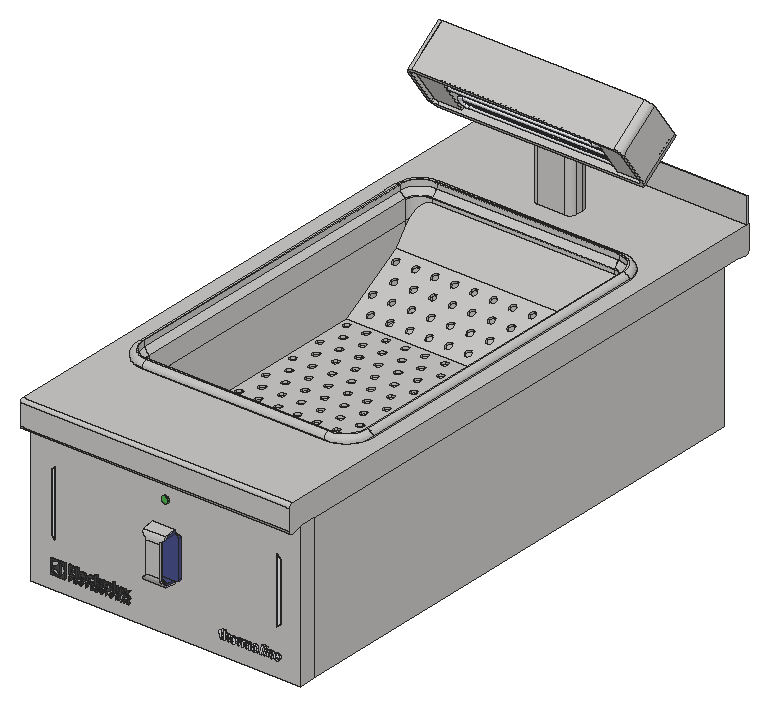
Revit family "QF_ELECTROLUXPROFESSIONAL_588556_MBYABBDOBO", category Attrezzature speciali, Revit 2020 (continued)
Lines and regions (mm)
  symbolic lines
    curve 152: spline (151.566, -242.726, 0) -> (151.734, -243.847, 0) -> (152.227, -244.891, 0) -> (153.011, -245.788, 0) -> (154.033, -246.476, 0) -> (155.223, -246.909, 0) -> (156.5, -247.057, 0) -> (157.777, -246.909, 0) -> (158.967, -246.476, 0) -> (159.989, -245.788, 0) -> (160.773, -244.891, 0) -> (161.266, -243.847, 0) -> (161.434, -242.726, 0)
    curve 153: spline (151.566, -242.726, 0) -> (151.944, -241.814, 0) -> (152.548, -240.998, 0) -> (153.35, -240.316, 0) -> (154.309, -239.803, 0) -> (155.376, -239.485, 0) -> (156.5, -239.377, 0) -> (157.624, -239.485, 0) -> (158.691, -239.803, 0) -> (159.65, -240.316, 0) -> (160.452, -240.998, 0) -> (161.056, -241.814, 0) -> (161.434, -242.726, 0)
    curve 154: spline (180.566, -242.726, 0) -> (180.734, -243.847, 0) -> (181.227, -244.891, 0) -> (182.011, -245.788, 0) -> (183.033, -246.476, 0) -> (184.223, -246.909, 0) -> (185.5, -247.057, 0) -> (186.777, -246.909, 0) -> (187.967, -246.476, 0) -> (188.989, -245.788, 0) -> (189.773, -244.891, 0) -> (190.266, -243.847, 0) -> (190.434, -242.726, 0)
    curve 155: spline (180.566, -242.726, 0) -> (180.944, -241.814, 0) -> (181.548, -240.998, 0) -> (182.35, -240.316, 0) -> (183.309, -239.803, 0) -> (184.376, -239.485, 0) -> (185.5, -239.377, 0) -> (186.624, -239.485, 0) -> (187.691, -239.803, 0) -> (188.65, -240.316, 0) -> (189.452, -240.998, 0) -> (190.056, -241.814, 0) -> (190.434, -242.726, 0)
    curve 156: spline (335.434, -242.726, 0) -> (335.266, -243.847, 0) -> (334.773, -244.891, 0) -> (333.989, -245.788, 0) -> (332.967, -246.476, 0) -> (331.777, -246.909, 0) -> (330.5, -247.057, 0) -> (329.223, -246.909, 0) -> (328.033, -246.476, 0) -> (327.011, -245.788, 0) -> (326.227, -244.891, 0) -> (325.734, -243.847, 0) -> (325.566, -242.726, 0)
    curve 157: spline (335.434, -242.726, 0) -> (335.056, -241.814, 0) -> (334.452, -240.998, 0) -> (333.65, -240.316, 0) -> (332.691, -239.803, 0) -> (331.624, -239.485, 0) -> (330.5, -239.377, 0) -> (329.376, -239.485, 0) -> (328.309, -239.803, 0) -> (327.35, -240.316, 0) -> (326.548, -240.998, 0) -> (325.944, -241.814, 0) -> (325.566, -242.726, 0)
    curve 158: spline (306.434, -242.726, 0) -> (306.266, -243.847, 0) -> (305.773, -244.891, 0) -> (304.989, -245.788, 0) -> (303.967, -246.476, 0) -> (302.777, -246.909, 0) -> (301.5, -247.057, 0) -> (300.223, -246.909, 0) -> (299.033, -246.476, 0) -> (298.011, -245.788, 0) -> (297.227, -244.891, 0) -> (296.734, -243.847, 0) -> (296.566, -242.726, 0)
    curve 159: spline (306.434, -242.726, 0) -> (306.056, -241.814, 0) -> (305.452, -240.998, 0) -> (304.65, -240.316, 0) -> (303.691, -239.803, 0) -> (302.624, -239.485, 0) -> (301.5, -239.377, 0) -> (300.376, -239.485, 0) -> (299.309, -239.803, 0) -> (298.35, -240.316, 0) -> (297.548, -240.998, 0) -> (296.944, -241.814, 0) -> (296.566, -242.726, 0)
    curve 160: spline (277.434, -242.726, 0) -> (277.266, -243.847, 0) -> (276.773, -244.891, 0) -> (275.989, -245.788, 0) -> (274.967, -246.476, 0) -> (273.777, -246.909, 0) -> (272.5, -247.057, 0) -> (271.223, -246.909, 0) -> (270.033, -246.476, 0) -> (269.011, -245.788, 0) -> (268.227, -244.891, 0) -> (267.734, -243.847, 0) -> (267.566, -242.726, 0)
    curve 161: spline (277.434, -242.726, 0) -> (277.056, -241.814, 0) -> (276.452, -240.998, 0) -> (275.65, -240.316, 0) -> (274.691, -239.803, 0) -> (273.624, -239.485, 0) -> (272.5, -239.377, 0) -> (271.376, -239.485, 0) -> (270.309, -239.803, 0) -> (269.35, -240.316, 0) -> (268.548, -240.998, 0) -> (267.944, -241.814, 0) -> (267.566, -242.726, 0)
    curve 162: spline (248.434, -242.726, 0) -> (248.266, -243.847, 0) -> (247.773, -244.891, 0) -> (246.989, -245.788, 0) -> (245.967, -246.476, 0) -> (244.777, -246.909, 0) -> (243.5, -247.057, 0) -> (242.223, -246.909, 0) -> (241.033, -246.476, 0) -> (240.011, -245.788, 0) -> (239.227, -244.891, 0) -> (238.734, -243.847, 0) -> (238.566, -242.726, 0)
    curve 163: spline (248.434, -242.726, 0) -> (248.056, -241.814, 0) -> (247.452, -240.998, 0) -> (246.65, -240.316, 0) -> (245.691, -239.803, 0) -> (244.624, -239.485, 0) -> (243.5, -239.377, 0) -> (242.376, -239.485, 0) -> (241.309, -239.803, 0) -> (240.35, -240.316, 0) -> (239.548, -240.998, 0) -> (238.944, -241.814, 0) -> (238.566, -242.726, 0)
    curve 164: spline (219.434, -242.726, 0) -> (219.266, -243.847, 0) -> (218.773, -244.891, 0) -> (217.989, -245.788, 0) -> (216.967, -246.476, 0) -> (215.777, -246.909, 0) -> (214.5, -247.057, 0) -> (213.223, -246.909, 0) -> (212.033, -246.476, 0) -> (211.011, -245.788, 0) -> (210.227, -244.891, 0) -> (209.734, -243.847, 0) -> (209.566, -242.726, 0)
    curve 165: spline (219.434, -242.726, 0) -> (219.056, -241.814, 0) -> (218.452, -240.998, 0) -> (217.65, -240.316, 0) -> (216.691, -239.803, 0) -> (215.624, -239.485, 0) -> (214.5, -239.377, 0) -> (213.376, -239.485, 0) -> (212.309, -239.803, 0) -> (211.35, -240.316, 0) -> (210.548, -240.998, 0) -> (209.944, -241.814, 0) -> (209.566, -242.726, 0)
    curve 166: spline (50.066, -264.375, 0) -> (50.234, -265.496, 0) -> (50.727, -266.54, 0) -> (51.511, -267.437, 0) -> (52.533, -268.126, 0) -> (53.723, -268.558, 0) -> (55, -268.706, 0) -> (56.277, -268.558, 0) -> (57.467, -268.126, 0) -> (58.489, -267.437, 0) -> (59.273, -266.54, 0) -> (59.766, -265.496, 0) -> (59.934, -264.375, 0)
    curve 167: spline (50.066, -264.375, 0) -> (50.444, -263.464, 0) -> (51.048, -262.647, 0) -> (51.85, -261.965, 0) -> (52.809, -261.452, 0) -> (53.876, -261.134, 0) -> (55, -261.026, 0) -> (56.124, -261.134, 0) -> (57.191, -261.452, 0) -> (58.15, -261.965, 0) -> (58.952, -262.647, 0) -> (59.556, -263.464, 0) -> (59.934, -264.375, 0)
    curve 168: spline (79.022, -264.375, 0) -> (79.19, -265.496, 0) -> (79.683, -266.54, 0) -> (80.467, -267.437, 0) -> (81.489, -268.126, 0) -> (82.679, -268.558, 0) -> (83.956, -268.706, 0) -> (85.233, -268.558, 0) -> (86.423, -268.126, 0) -> (87.445, -267.437, 0) -> (88.229, -266.54, 0) -> (88.722, -265.496, 0) -> (88.89, -264.375, 0)
    curve 169: spline (79.022, -264.375, 0) -> (79.4, -263.464, 0) -> (80.004, -262.647, 0) -> (80.806, -261.965, 0) -> (81.765, -261.452, 0) -> (82.832, -261.134, 0) -> (83.956, -261.026, 0) -> (85.08, -261.134, 0) -> (86.147, -261.452, 0) -> (87.106, -261.965, 0) -> (87.908, -262.647, 0) -> (88.512, -263.464, 0) -> (88.89, -264.375, 0)
    curve 170: spline (108.022, -264.375, 0) -> (108.19, -265.496, 0) -> (108.683, -266.54, 0) -> (109.467, -267.437, 0) -> (110.489, -268.126, 0) -> (111.679, -268.558, 0) -> (112.956, -268.706, 0) -> (114.233, -268.558, 0) -> (115.423, -268.126, 0) -> (116.445, -267.437, 0) -> (117.229, -266.54, 0) -> (117.722, -265.496, 0) -> (117.89, -264.375, 0)
    curve 171: spline (108.022, -264.375, 0) -> (108.4, -263.464, 0) -> (109.004, -262.647, 0) -> (109.806, -261.965, 0) -> (110.765, -261.452, 0) -> (111.832, -261.134, 0) -> (112.956, -261.026, 0) -> (114.08, -261.134, 0) -> (115.147, -261.452, 0) -> (116.106, -261.965, 0) -> (116.908, -262.647, 0) -> (117.512, -263.464, 0) -> (117.89, -264.375, 0)
    curve 172: spline (137.022, -264.375, 0) -> (137.19, -265.496, 0) -> (137.683, -266.54, 0) -> (138.467, -267.437, 0) -> (139.489, -268.126, 0) -> (140.679, -268.558, 0) -> (141.956, -268.706, 0) -> (143.233, -268.558, 0) -> (144.423, -268.126, 0) -> (145.445, -267.437, 0) -> (146.229, -266.54, 0) -> (146.722, -265.496, 0) -> (146.89, -264.375, 0)
    curve 173: spline (137.022, -264.375, 0) -> (137.4, -263.464, 0) -> (138.004, -262.647, 0) -> (138.806, -261.965, 0) -> (139.765, -261.452, 0) -> (140.832, -261.134, 0) -> (141.956, -261.026, 0) -> (143.08, -261.134, 0) -> (144.147, -261.452, 0) -> (145.106, -261.965, 0) -> (145.908, -262.647, 0) -> (146.512, -263.464, 0) -> (146.89, -264.375, 0)
    curve 174: spline (166.022, -264.375, 0) -> (166.19, -265.496, 0) -> (166.683, -266.54, 0) -> (167.467, -267.437, 0) -> (168.489, -268.126, 0) -> (169.679, -268.558, 0) -> (170.956, -268.706, 0) -> (172.233, -268.558, 0) -> (173.423, -268.126, 0) -> (174.445, -267.437, 0) -> (175.229, -266.54, 0) -> (175.722, -265.496, 0) -> (175.89, -264.375, 0)
    curve 175: spline (166.022, -264.375, 0) -> (166.4, -263.464, 0) -> (167.004, -262.647, 0) -> (167.806, -261.965, 0) -> (168.765, -261.452, 0) -> (169.832, -261.134, 0) -> (170.956, -261.026, 0) -> (172.08, -261.134, 0) -> (173.147, -261.452, 0) -> (174.106, -261.965, 0) -> (174.908, -262.647, 0) -> (175.512, -263.464, 0) -> (175.89, -264.375, 0)
    curve 176: spline (195.022, -264.375, 0) -> (195.19, -265.496, 0) -> (195.683, -266.54, 0) -> (196.467, -267.437, 0) -> (197.489, -268.126, 0) -> (198.679, -268.558, 0) -> (199.956, -268.706, 0) -> (201.233, -268.558, 0) -> (202.423, -268.126, 0) -> (203.445, -267.437, 0) -> (204.229, -266.54, 0) -> (204.722, -265.496, 0) -> (204.89, -264.375, 0)
    curve 177: spline (195.022, -264.375, 0) -> (195.4, -263.464, 0) -> (196.004, -262.647, 0) -> (196.806, -261.965, 0) -> (197.765, -261.452, 0) -> (198.832, -261.134, 0) -> (199.956, -261.026, 0) -> (201.08, -261.134, 0) -> (202.147, -261.452, 0) -> (203.106, -261.965, 0) -> (203.908, -262.647, 0) -> (204.512, -263.464, 0) -> (204.89, -264.375, 0)
    curve 178: spline (349.934, -264.375, 0) -> (349.766, -265.496, 0) -> (349.273, -266.54, 0) -> (348.489, -267.437, 0) -> (347.467, -268.126, 0) -> (346.277, -268.558, 0) -> (345, -268.706, 0) -> (343.723, -268.558, 0) -> (342.533, -268.126, 0) -> (341.511, -267.437, 0) -> (340.727, -266.54, 0) -> (340.234, -265.496, 0) -> (340.066, -264.375, 0)
    curve 179: spline (349.934, -264.375, 0) -> (349.556, -263.464, 0) -> (348.952, -262.647, 0) -> (348.15, -261.965, 0) -> (347.191, -261.452, 0) -> (346.124, -261.134, 0) -> (345, -261.026, 0) -> (343.876, -261.134, 0) -> (342.809, -261.452, 0) -> (341.85, -261.965, 0) -> (341.048, -262.647, 0) -> (340.444, -263.464, 0) -> (340.066, -264.375, 0)
    curve 180: spline (320.978, -264.375, 0) -> (320.81, -265.496, 0) -> (320.317, -266.54, 0) -> (319.533, -267.437, 0) -> (318.511, -268.126, 0) -> (317.321, -268.558, 0) -> (316.044, -268.706, 0) -> (314.767, -268.558, 0) -> (313.577, -268.126, 0) -> (312.555, -267.437, 0) -> (311.771, -266.54, 0) -> (311.278, -265.496, 0) -> (311.11, -264.375, 0)
    curve 181: spline (320.978, -264.375, 0) -> (320.6, -263.464, 0) -> (319.996, -262.647, 0) -> (319.194, -261.965, 0) -> (318.235, -261.452, 0) -> (317.168, -261.134, 0) -> (316.044, -261.026, 0) -> (314.92, -261.134, 0) -> (313.853, -261.452, 0) -> (312.894, -261.965, 0) -> (312.092, -262.647, 0) -> (311.488, -263.464, 0) -> (311.11, -264.375, 0)
    curve 182: spline (291.978, -264.375, 0) -> (291.81, -265.496, 0) -> (291.317, -266.54, 0) -> (290.533, -267.437, 0) -> (289.511, -268.126, 0) -> (288.321, -268.558, 0) -> (287.044, -268.706, 0) -> (285.767, -268.558, 0) -> (284.577, -268.126, 0) -> (283.555, -267.437, 0) -> (282.771, -266.54, 0) -> (282.278, -265.496, 0) -> (282.11, -264.375, 0)
    curve 183: spline (291.978, -264.375, 0) -> (291.6, -263.464, 0) -> (290.996, -262.647, 0) -> (290.194, -261.965, 0) -> (289.235, -261.452, 0) -> (288.168, -261.134, 0) -> (287.044, -261.026, 0) -> (285.92, -261.134, 0) -> (284.853, -261.452, 0) -> (283.894, -261.965, 0) -> (283.092, -262.647, 0) -> (282.488, -263.464, 0) -> (282.11, -264.375, 0)
    curve 184: spline (262.978, -264.375, 0) -> (262.81, -265.496, 0) -> (262.317, -266.54, 0) -> (261.533, -267.437, 0) -> (260.511, -268.126, 0) -> (259.321, -268.558, 0) -> (258.044, -268.706, 0) -> (256.767, -268.558, 0) -> (255.577, -268.126, 0) -> (254.555, -267.437, 0) -> (253.771, -266.54, 0) -> (253.278, -265.496, 0) -> (253.11, -264.375, 0)
    curve 185: spline (262.978, -264.375, 0) -> (262.6, -263.464, 0) -> (261.996, -262.647, 0) -> (261.194, -261.965, 0) -> (260.235, -261.452, 0) -> (259.168, -261.134, 0) -> (258.044, -261.026, 0) -> (256.92, -261.134, 0) -> (255.853, -261.452, 0) -> (254.894, -261.965, 0) -> (254.092, -262.647, 0) -> (253.488, -263.464, 0) -> (253.11, -264.375, 0)
    curve 186: spline (233.978, -264.375, 0) -> (233.81, -265.496, 0) -> (233.317, -266.54, 0) -> (232.533, -267.437, 0) -> (231.511, -268.126, 0) -> (230.321, -268.558, 0) -> (229.044, -268.706, 0) -> (227.767, -268.558, 0) -> (226.577, -268.126, 0) -> (225.555, -267.437, 0) -> (224.771, -266.54, 0) -> (224.278, -265.496, 0) -> (224.11, -264.375, 0)
    curve 187: spline (233.978, -264.375, 0) -> (233.6, -263.464, 0) -> (232.996, -262.647, 0) -> (232.194, -261.965, 0) -> (231.235, -261.452, 0) -> (230.168, -261.134, 0) -> (229.044, -261.026, 0) -> (227.92, -261.134, 0) -> (226.853, -261.452, 0) -> (225.894, -261.965, 0) -> (225.092, -262.647, 0) -> (224.488, -263.464, 0) -> (224.11, -264.375, 0)
    curve 188: spline (64.566, -286.026, 0) -> (64.734, -287.146, 0) -> (65.227, -288.191, 0) -> (66.011, -289.088, 0) -> (67.033, -289.776, 0) -> (68.223, -290.209, 0) -> (69.5, -290.357, 0) -> (70.777, -290.209, 0) -> (71.967, -289.776, 0) -> (72.989, -289.088, 0) -> (73.773, -288.191, 0) -> (74.266, -287.146, 0) -> (74.434, -286.026, 0)
    curve 189: spline (64.566, -286.026, 0) -> (64.944, -285.114, 0) -> (65.548, -284.297, 0) -> (66.35, -283.616, 0) -> (67.309, -283.103, 0) -> (68.376, -282.784, 0) -> (69.5, -282.677, 0) -> (70.624, -282.784, 0) -> (71.691, -283.103, 0) -> (72.65, -283.616, 0) -> (73.452, -284.297, 0) -> (74.056, -285.114, 0) -> (74.434, -286.026, 0)
    curve 190: spline (93.566, -286.026, 0) -> (93.734, -287.146, 0) -> (94.227, -288.191, 0) -> (95.011, -289.088, 0) -> (96.033, -289.776, 0) -> (97.223, -290.209, 0) -> (98.5, -290.357, 0) -> (99.777, -290.209, 0) -> (100.967, -289.776, 0) -> (101.989, -289.088, 0) -> (102.773, -288.191, 0) -> (103.266, -287.146, 0) -> (103.434, -286.026, 0)
    curve 191: spline (93.566, -286.026, 0) -> (93.944, -285.114, 0) -> (94.548, -284.297, 0) -> (95.35, -283.616, 0) -> (96.309, -283.103, 0) -> (97.376, -282.784, 0) -> (98.5, -282.677, 0) -> (99.624, -282.784, 0) -> (100.691, -283.103, 0) -> (101.65, -283.616, 0) -> (102.452, -284.297, 0) -> (103.056, -285.114, 0) -> (103.434, -286.026, 0)
    curve 192: spline (122.566, -286.026, 0) -> (122.734, -287.146, 0) -> (123.227, -288.191, 0) -> (124.011, -289.088, 0) -> (125.033, -289.776, 0) -> (126.223, -290.209, 0) -> (127.5, -290.357, 0) -> (128.777, -290.209, 0) -> (129.967, -289.776, 0) -> (130.989, -289.088, 0) -> (131.773, -288.191, 0) -> (132.266, -287.146, 0) -> (132.434, -286.026, 0)
    curve 193: spline (122.566, -286.026, 0) -> (122.944, -285.114, 0) -> (123.548, -284.297, 0) -> (124.35, -283.616, 0) -> (125.309, -283.103, 0) -> (126.376, -282.784, 0) -> (127.5, -282.677, 0) -> (128.624, -282.784, 0) -> (129.691, -283.103, 0) -> (130.65, -283.616, 0) -> (131.452, -284.297, 0) -> (132.056, -285.114, 0) -> (132.434, -286.026, 0)
    curve 194: spline (151.566, -286.026, 0) -> (151.734, -287.146, 0) -> (152.227, -288.191, 0) -> (153.011, -289.088, 0) -> (154.033, -289.776, 0) -> (155.223, -290.209, 0) -> (156.5, -290.357, 0) -> (157.777, -290.209, 0) -> (158.967, -289.776, 0) -> (159.989, -289.088, 0) -> (160.773, -288.191, 0) -> (161.266, -287.146, 0) -> (161.434, -286.026, 0)
    curve 195: spline (151.566, -286.026, 0) -> (151.944, -285.114, 0) -> (152.548, -284.297, 0) -> (153.35, -283.616, 0) -> (154.309, -283.103, 0) -> (155.376, -282.784, 0) -> (156.5, -282.677, 0) -> (157.624, -282.784, 0) -> (158.691, -283.103, 0) -> (159.65, -283.616, 0) -> (160.452, -284.297, 0) -> (161.056, -285.114, 0) -> (161.434, -286.026, 0)
    curve 196: spline (180.566, -286.026, 0) -> (180.734, -287.146, 0) -> (181.227, -288.191, 0) -> (182.011, -289.088, 0) -> (183.033, -289.776, 0) -> (184.223, -290.209, 0) -> (185.5, -290.357, 0) -> (186.777, -290.209, 0) -> (187.967, -289.776, 0) -> (188.989, -289.088, 0) -> (189.773, -288.191, 0) -> (190.266, -287.146, 0) -> (190.434, -286.026, 0)
    curve 197: spline (180.566, -286.026, 0) -> (180.944, -285.114, 0) -> (181.548, -284.297, 0) -> (182.35, -283.616, 0) -> (183.309, -283.103, 0) -> (184.376, -282.784, 0) -> (185.5, -282.677, 0) -> (186.624, -282.784, 0) -> (187.691, -283.103, 0) -> (188.65, -283.616, 0) -> (189.452, -284.297, 0) -> (190.056, -285.114, 0) -> (190.434, -286.026, 0)
    curve 198: spline (335.434, -286.026, 0) -> (335.266, -287.146, 0) -> (334.773, -288.191, 0) -> (333.989, -289.088, 0) -> (332.967, -289.776, 0) -> (331.777, -290.209, 0) -> (330.5, -290.357, 0) -> (329.223, -290.209, 0) -> (328.033, -289.776, 0) -> (327.011, -289.088, 0) -> (326.227, -288.191, 0) -> (325.734, -287.146, 0) -> (325.566, -286.026, 0)
    curve 199: spline (335.434, -286.026, 0) -> (335.056, -285.114, 0) -> (334.452, -284.297, 0) -> (333.65, -283.616, 0) -> (332.691, -283.103, 0) -> (331.624, -282.784, 0) -> (330.5, -282.677, 0) -> (329.376, -282.784, 0) -> (328.309, -283.103, 0) -> (327.35, -283.616, 0) -> (326.548, -284.297, 0) -> (325.944, -285.114, 0) -> (325.566, -286.026, 0)
    curve 200: spline (306.434, -286.026, 0) -> (306.266, -287.146, 0) -> (305.773, -288.191, 0) -> (304.989, -289.088, 0) -> (303.967, -289.776, 0) -> (302.777, -290.209, 0) -> (301.5, -290.357, 0) -> (300.223, -290.209, 0) -> (299.033, -289.776, 0) -> (298.011, -289.088, 0) -> (297.227, -288.191, 0) -> (296.734, -287.146, 0) -> (296.566, -286.026, 0)
    curve 201: spline (306.434, -286.026, 0) -> (306.056, -285.114, 0) -> (305.452, -284.297, 0) -> (304.65, -283.616, 0) -> (303.691, -283.103, 0) -> (302.624, -282.784, 0) -> (301.5, -282.677, 0) -> (300.376, -282.784, 0) -> (299.309, -283.103, 0) -> (298.35, -283.616, 0) -> (297.548, -284.297, 0) -> (296.944, -285.114, 0) -> (296.566, -286.026, 0)
    curve 202: spline (277.434, -286.026, 0) -> (277.266, -287.146, 0) -> (276.773, -288.191, 0) -> (275.989, -289.088, 0) -> (274.967, -289.776, 0) -> (273.777, -290.209, 0) -> (272.5, -290.357, 0) -> (271.223, -290.209, 0) -> (270.033, -289.776, 0) -> (269.011, -289.088, 0) -> (268.227, -288.191, 0) -> (267.734, -287.146, 0) -> (267.566, -286.026, 0)
    curve 203: spline (277.434, -286.026, 0) -> (277.056, -285.114, 0) -> (276.452, -284.297, 0) -> (275.65, -283.616, 0) -> (274.691, -283.103, 0) -> (273.624, -282.784, 0) -> (272.5, -282.677, 0) -> (271.376, -282.784, 0) -> (270.309, -283.103, 0) -> (269.35, -283.616, 0) -> (268.548, -284.297, 0) -> (267.944, -285.114, 0) -> (267.566, -286.026, 0)
    curve 204: spline (248.434, -286.026, 0) -> (248.266, -287.146, 0) -> (247.773, -288.191, 0) -> (246.989, -289.088, 0) -> (245.967, -289.776, 0) -> (244.777, -290.209, 0) -> (243.5, -290.357, 0) -> (242.223, -290.209, 0) -> (241.033, -289.776, 0) -> (240.011, -289.088, 0) -> (239.227, -288.191, 0) -> (238.734, -287.146, 0) -> (238.566, -286.026, 0)
    curve 205: spline (248.434, -286.026, 0) -> (248.056, -285.114, 0) -> (247.452, -284.297, 0) -> (246.65, -283.616, 0) -> (245.691, -283.103, 0) -> (244.624, -282.784, 0) -> (243.5, -282.677, 0) -> (242.376, -282.784, 0) -> (241.309, -283.103, 0) -> (240.35, -283.616, 0) -> (239.548, -284.297, 0) -> (238.944, -285.114, 0) -> (238.566, -286.026, 0)
    curve 206: spline (219.434, -286.026, 0) -> (219.266, -287.146, 0) -> (218.773, -288.191, 0) -> (217.989, -289.088, 0) -> (216.967, -289.776, 0) -> (215.777, -290.209, 0) -> (214.5, -290.357, 0) -> (213.223, -290.209, 0) -> (212.033, -289.776, 0) -> (211.011, -289.088, 0) -> (210.227, -288.191, 0) -> (209.734, -287.146, 0) -> (209.566, -286.026, 0)
    curve 207: spline (219.434, -286.026, 0) -> (219.056, -285.114, 0) -> (218.452, -284.297, 0) -> (217.65, -283.616, 0) -> (216.691, -283.103, 0) -> (215.624, -282.784, 0) -> (214.5, -282.677, 0) -> (213.376, -282.784, 0) -> (212.309, -283.103, 0) -> (211.35, -283.616, 0) -> (210.548, -284.297, 0) -> (209.944, -285.114, 0) -> (209.566, -286.026, 0)
    curve 208: spline (50.066, -628.925, 0) -> (50.234, -627.804, 0) -> (50.727, -626.759, 0) -> (51.511, -625.862, 0) -> (52.533, -625.174, 0) -> (53.723, -624.741, 0) -> (55, -624.594, 0) -> (56.277, -624.741, 0) -> (57.467, -625.174, 0) -> (58.489, -625.862, 0) -> (59.273, -626.759, 0) -> (59.766, -627.804, 0) -> (59.934, -628.925, 0)
    curve 209: spline (50.066, -628.925, 0) -> (50.444, -629.836, 0) -> (51.048, -630.653, 0) -> (51.85, -631.335, 0) -> (52.809, -631.848, 0) -> (53.876, -632.166, 0) -> (55, -632.274, 0) -> (56.124, -632.166, 0) -> (57.191, -631.848, 0) -> (58.15, -631.335, 0) -> (58.952, -630.653, 0) -> (59.556, -629.836, 0) -> (59.934, -628.925, 0)
    curve 210: spline (79.022, -628.925, 0) -> (79.19, -627.804, 0) -> (79.683, -626.759, 0) -> (80.467, -625.862, 0) -> (81.489, -625.174, 0) -> (82.679, -624.741, 0) -> (83.956, -624.594, 0) -> (85.233, -624.741, 0) -> (86.423, -625.174, 0) -> (87.445, -625.862, 0) -> (88.229, -626.759, 0) -> (88.722, -627.804, 0) -> (88.89, -628.925, 0)
    curve 211: spline (79.022, -628.925, 0) -> (79.4, -629.836, 0) -> (80.004, -630.653, 0) -> (80.806, -631.335, 0) -> (81.765, -631.848, 0) -> (82.832, -632.166, 0) -> (83.956, -632.274, 0) -> (85.08, -632.166, 0) -> (86.147, -631.848, 0) -> (87.106, -631.335, 0) -> (87.908, -630.653, 0) -> (88.512, -629.836, 0) -> (88.89, -628.925, 0)
    curve 212: spline (108.022, -628.925, 0) -> (108.19, -627.804, 0) -> (108.683, -626.759, 0) -> (109.467, -625.862, 0) -> (110.489, -625.174, 0) -> (111.679, -624.741, 0) -> (112.956, -624.594, 0) -> (114.233, -624.741, 0) -> (115.423, -625.174, 0) -> (116.445, -625.862, 0) -> (117.229, -626.759, 0) -> (117.722, -627.804, 0) -> (117.89, -628.925, 0)
    curve 213: spline (108.022, -628.925, 0) -> (108.4, -629.836, 0) -> (109.004, -630.653, 0) -> (109.806, -631.335, 0) -> (110.765, -631.848, 0) -> (111.832, -632.166, 0) -> (112.956, -632.274, 0) -> (114.08, -632.166, 0) -> (115.147, -631.848, 0) -> (116.106, -631.335, 0) -> (116.908, -630.653, 0) -> (117.512, -629.836, 0) -> (117.89, -628.925, 0)
    curve 214: spline (137.022, -628.925, 0) -> (137.19, -627.804, 0) -> (137.683, -626.759, 0) -> (138.467, -625.862, 0) -> (139.489, -625.174, 0) -> (140.679, -624.741, 0) -> (141.956, -624.594, 0) -> (143.233, -624.741, 0) -> (144.423, -625.174, 0) -> (145.445, -625.862, 0) -> (146.229, -626.759, 0) -> (146.722, -627.804, 0) -> (146.89, -628.925, 0)
    curve 215: spline (137.022, -628.925, 0) -> (137.4, -629.836, 0) -> (138.004, -630.653, 0) -> (138.806, -631.335, 0) -> (139.765, -631.848, 0) -> (140.832, -632.166, 0) -> (141.956, -632.274, 0) -> (143.08, -632.166, 0) -> (144.147, -631.848, 0) -> (145.106, -631.335, 0) -> (145.908, -630.653, 0) -> (146.512, -629.836, 0) -> (146.89, -628.925, 0)
    curve 216: spline (166.022, -628.925, 0) -> (166.19, -627.804, 0) -> (166.683, -626.759, 0) -> (167.467, -625.862, 0) -> (168.489, -625.174, 0) -> (169.679, -624.741, 0) -> (170.956, -624.594, 0) -> (172.233, -624.741, 0) -> (173.423, -625.174, 0) -> (174.445, -625.862, 0) -> (175.229, -626.759, 0) -> (175.722, -627.804, 0) -> (175.89, -628.925, 0)
    curve 217: spline (166.022, -628.925, 0) -> (166.4, -629.836, 0) -> (167.004, -630.653, 0) -> (167.806, -631.335, 0) -> (168.765, -631.848, 0) -> (169.832, -632.166, 0) -> (170.956, -632.274, 0) -> (172.08, -632.166, 0) -> (173.147, -631.848, 0) -> (174.106, -631.335, 0) -> (174.908, -630.653, 0) -> (175.512, -629.836, 0) -> (175.89, -628.925, 0)
    curve 218: spline (195.022, -628.925, 0) -> (195.19, -627.804, 0) -> (195.683, -626.759, 0) -> (196.467, -625.862, 0) -> (197.489, -625.174, 0) -> (198.679, -624.741, 0) -> (199.956, -624.594, 0) -> (201.233, -624.741, 0) -> (202.423, -625.174, 0) -> (203.445, -625.862, 0) -> (204.229, -626.759, 0) -> (204.722, -627.804, 0) -> (204.89, -628.925, 0)
    curve 219: spline (195.022, -628.925, 0) -> (195.4, -629.836, 0) -> (196.004, -630.653, 0) -> (196.806, -631.335, 0) -> (197.765, -631.848, 0) -> (198.832, -632.166, 0) -> (199.956, -632.274, 0) -> (201.08, -632.166, 0) -> (202.147, -631.848, 0) -> (203.106, -631.335, 0) -> (203.908, -630.653, 0) -> (204.512, -629.836, 0) -> (204.89, -628.925, 0)
    curve 220: spline (349.934, -628.925, 0) -> (349.766, -627.804, 0) -> (349.273, -626.759, 0) -> (348.489, -625.862, 0) -> (347.467, -625.174, 0) -> (346.277, -624.741, 0) -> (345, -624.594, 0) -> (343.723, -624.741, 0) -> (342.533, -625.174, 0) -> (341.511, -625.862, 0) -> (340.727, -626.759, 0) -> (340.234, -627.804, 0) -> (340.066, -628.925, 0)
    curve 221: spline (349.934, -628.925, 0) -> (349.556, -629.836, 0) -> (348.952, -630.653, 0) -> (348.15, -631.335, 0) -> (347.191, -631.848, 0) -> (346.124, -632.166, 0) -> (345, -632.274, 0) -> (343.876, -632.166, 0) -> (342.809, -631.848, 0) -> (341.85, -631.335, 0) -> (341.048, -630.653, 0) -> (340.444, -629.836, 0) -> (340.066, -628.925, 0)
    curve 222: spline (320.978, -628.925, 0) -> (320.81, -627.804, 0) -> (320.317, -626.759, 0) -> (319.533, -625.862, 0) -> (318.511, -625.174, 0) -> (317.321, -624.741, 0) -> (316.044, -624.594, 0) -> (314.767, -624.741, 0) -> (313.577, -625.174, 0) -> (312.555, -625.862, 0) -> (311.771, -626.759, 0) -> (311.278, -627.804, 0) -> (311.11, -628.925, 0)
    curve 223: spline (320.978, -628.925, 0) -> (320.6, -629.836, 0) -> (319.996, -630.653, 0) -> (319.194, -631.335, 0) -> (318.235, -631.848, 0) -> (317.168, -632.166, 0) -> (316.044, -632.274, 0) -> (314.92, -632.166, 0) -> (313.853, -631.848, 0) -> (312.894, -631.335, 0) -> (312.092, -630.653, 0) -> (311.488, -629.836, 0) -> (311.11, -628.925, 0)
    curve 224: spline (291.978, -628.925, 0) -> (291.81, -627.804, 0) -> (291.317, -626.759, 0) -> (290.533, -625.862, 0) -> (289.511, -625.174, 0) -> (288.321, -624.741, 0) -> (287.044, -624.594, 0) -> (285.767, -624.741, 0) -> (284.577, -625.174, 0) -> (283.555, -625.862, 0) -> (282.771, -626.759, 0) -> (282.278, -627.804, 0) -> (282.11, -628.925, 0)
    curve 225: spline (291.978, -628.925, 0) -> (291.6, -629.836, 0) -> (290.996, -630.653, 0) -> (290.194, -631.335, 0) -> (289.235, -631.848, 0) -> (288.168, -632.166, 0) -> (287.044, -632.274, 0) -> (285.92, -632.166, 0) -> (284.853, -631.848, 0) -> (283.894, -631.335, 0) -> (283.092, -630.653, 0) -> (282.488, -629.836, 0) -> (282.11, -628.925, 0)
    curve 226: spline (262.978, -628.925, 0) -> (262.81, -627.804, 0) -> (262.317, -626.759, 0) -> (261.533, -625.862, 0) -> (260.511, -625.174, 0) -> (259.321, -624.741, 0) -> (258.044, -624.594, 0) -> (256.767, -624.741, 0) -> (255.577, -625.174, 0) -> (254.555, -625.862, 0) -> (253.771, -626.759, 0) -> (253.278, -627.804, 0) -> (253.11, -628.925, 0)
    curve 227: spline (262.978, -628.925, 0) -> (262.6, -629.836, 0) -> (261.996, -630.653, 0) -> (261.194, -631.335, 0) -> (260.235, -631.848, 0) -> (259.168, -632.166, 0) -> (258.044, -632.274, 0) -> (256.92, -632.166, 0) -> (255.853, -631.848, 0) -> (254.894, -631.335, 0) -> (254.092, -630.653, 0) -> (253.488, -629.836, 0) -> (253.11, -628.925, 0)
    curve 228: spline (233.978, -628.925, 0) -> (233.81, -627.804, 0) -> (233.317, -626.759, 0) -> (232.533, -625.862, 0) -> (231.511, -625.174, 0) -> (230.321, -624.741, 0) -> (229.044, -624.594, 0) -> (227.767, -624.741, 0) -> (226.577, -625.174, 0) -> (225.555, -625.862, 0) -> (224.771, -626.759, 0) -> (224.278, -627.804, 0) -> (224.11, -628.925, 0)
    curve 229: spline (233.978, -628.925, 0) -> (233.6, -629.836, 0) -> (232.996, -630.653, 0) -> (232.194, -631.335, 0) -> (231.235, -631.848, 0) -> (230.168, -632.166, 0) -> (229.044, -632.274, 0) -> (227.92, -632.166, 0) -> (226.853, -631.848, 0) -> (225.894, -631.335, 0) -> (225.092, -630.653, 0) -> (224.488, -629.836, 0) -> (224.11, -628.925, 0)
    curve 230: spline (64.566, -607.274, 0) -> (64.734, -606.153, 0) -> (65.227, -605.109, 0) -> (66.011, -604.212, 0) -> (67.033, -603.524, 0) -> (68.223, -603.091, 0) -> (69.5, -602.943, 0) -> (70.777, -603.091, 0) -> (71.967, -603.524, 0) -> (72.989, -604.212, 0) -> (73.773, -605.109, 0) -> (74.266, -606.153, 0) -> (74.434, -607.274, 0)
    curve 231: spline (64.566, -607.274, 0) -> (64.944, -608.186, 0) -> (65.548, -609.002, 0) -> (66.35, -609.684, 0) -> (67.309, -610.197, 0) -> (68.376, -610.515, 0) -> (69.5, -610.623, 0) -> (70.624, -610.515, 0) -> (71.691, -610.197, 0) -> (72.65, -609.684, 0) -> (73.452, -609.002, 0) -> (74.056, -608.186, 0) -> (74.434, -607.274, 0)
    curve 232: spline (93.566, -607.274, 0) -> (93.734, -606.153, 0) -> (94.227, -605.109, 0) -> (95.011, -604.212, 0) -> (96.033, -603.524, 0) -> (97.223, -603.091, 0) -> (98.5, -602.943, 0) -> (99.777, -603.091, 0) -> (100.967, -603.524, 0) -> (101.989, -604.212, 0) -> (102.773, -605.109, 0) -> (103.266, -606.153, 0) -> (103.434, -607.274, 0)
    curve 233: spline (93.566, -607.274, 0) -> (93.944, -608.186, 0) -> (94.548, -609.002, 0) -> (95.35, -609.684, 0) -> (96.309, -610.197, 0) -> (97.376, -610.515, 0) -> (98.5, -610.623, 0) -> (99.624, -610.515, 0) -> (100.691, -610.197, 0) -> (101.65, -609.684, 0) -> (102.452, -609.002, 0) -> (103.056, -608.186, 0) -> (103.434, -607.274, 0)
    curve 234: spline (122.566, -607.274, 0) -> (122.734, -606.153, 0) -> (123.227, -605.109, 0) -> (124.011, -604.212, 0) -> (125.033, -603.524, 0) -> (126.223, -603.091, 0) -> (127.5, -602.943, 0) -> (128.777, -603.091, 0) -> (129.967, -603.524, 0) -> (130.989, -604.212, 0) -> (131.773, -605.109, 0) -> (132.266, -606.153, 0) -> (132.434, -607.274, 0)
    curve 235: spline (122.566, -607.274, 0) -> (122.944, -608.186, 0) -> (123.548, -609.002, 0) -> (124.35, -609.684, 0) -> (125.309, -610.197, 0) -> (126.376, -610.515, 0) -> (127.5, -610.623, 0) -> (128.624, -610.515, 0) -> (129.691, -610.197, 0) -> (130.65, -609.684, 0) -> (131.452, -609.002, 0) -> (132.056, -608.186, 0) -> (132.434, -607.274, 0)
    curve 236: spline (151.566, -607.274, 0) -> (151.734, -606.153, 0) -> (152.227, -605.109, 0) -> (153.011, -604.212, 0) -> (154.033, -603.524, 0) -> (155.223, -603.091, 0) -> (156.5, -602.943, 0) -> (157.777, -603.091, 0) -> (158.967, -603.524, 0) -> (159.989, -604.212, 0) -> (160.773, -605.109, 0) -> (161.266, -606.153, 0) -> (161.434, -607.274, 0)
    curve 237: spline (151.566, -607.274, 0) -> (151.944, -608.186, 0) -> (152.548, -609.002, 0) -> (153.35, -609.684, 0) -> (154.309, -610.197, 0) -> (155.376, -610.515, 0) -> (156.5, -610.623, 0) -> (157.624, -610.515, 0) -> (158.691, -610.197, 0) -> (159.65, -609.684, 0) -> (160.452, -609.002, 0) -> (161.056, -608.186, 0) -> (161.434, -607.274, 0)
    curve 238: spline (180.566, -607.274, 0) -> (180.734, -606.153, 0) -> (181.227, -605.109, 0) -> (182.011, -604.212, 0) -> (183.033, -603.524, 0) -> (184.223, -603.091, 0) -> (185.5, -602.943, 0) -> (186.777, -603.091, 0) -> (187.967, -603.524, 0) -> (188.989, -604.212, 0) -> (189.773, -605.109, 0) -> (190.266, -606.153, 0) -> (190.434, -607.274, 0)
    curve 239: spline (180.566, -607.274, 0) -> (180.944, -608.186, 0) -> (181.548, -609.002, 0) -> (182.35, -609.684, 0) -> (183.309, -610.197, 0) -> (184.376, -610.515, 0) -> (185.5, -610.623, 0) -> (186.624, -610.515, 0) -> (187.691, -610.197, 0) -> (188.65, -609.684, 0) -> (189.452, -609.002, 0) -> (190.056, -608.186, 0) -> (190.434, -607.274, 0)
    curve 240: spline (335.434, -607.274, 0) -> (335.266, -606.153, 0) -> (334.773, -605.109, 0) -> (333.989, -604.212, 0) -> (332.967, -603.524, 0) -> (331.777, -603.091, 0) -> (330.5, -602.943, 0) -> (329.223, -603.091, 0) -> (328.033, -603.524, 0) -> (327.011, -604.212, 0) -> (326.227, -605.109, 0) -> (325.734, -606.153, 0) -> (325.566, -607.274, 0)
    curve 241: spline (335.434, -607.274, 0) -> (335.056, -608.186, 0) -> (334.452, -609.002, 0) -> (333.65, -609.684, 0) -> (332.691, -610.197, 0) -> (331.624, -610.515, 0) -> (330.5, -610.623, 0) -> (329.376, -610.515, 0) -> (328.309, -610.197, 0) -> (327.35, -609.684, 0) -> (326.548, -609.002, 0) -> (325.944, -608.186, 0) -> (325.566, -607.274, 0)
    curve 242: spline (306.434, -607.274, 0) -> (306.266, -606.153, 0) -> (305.773, -605.109, 0) -> (304.989, -604.212, 0) -> (303.967, -603.524, 0) -> (302.777, -603.091, 0) -> (301.5, -602.943, 0) -> (300.223, -603.091, 0) -> (299.033, -603.524, 0) -> (298.011, -604.212, 0) -> (297.227, -605.109, 0) -> (296.734, -606.153, 0) -> (296.566, -607.274, 0)
    curve 243: spline (306.434, -607.274, 0) -> (306.056, -608.186, 0) -> (305.452, -609.002, 0) -> (304.65, -609.684, 0) -> (303.691, -610.197, 0) -> (302.624, -610.515, 0) -> (301.5, -610.623, 0) -> (300.376, -610.515, 0) -> (299.309, -610.197, 0) -> (298.35, -609.684, 0) -> (297.548, -609.002, 0) -> (296.944, -608.186, 0) -> (296.566, -607.274, 0)
    curve 244: spline (277.434, -607.274, 0) -> (277.266, -606.153, 0) -> (276.773, -605.109, 0) -> (275.989, -604.212, 0) -> (274.967, -603.524, 0) -> (273.777, -603.091, 0) -> (272.5, -602.943, 0) -> (271.223, -603.091, 0) -> (270.033, -603.524, 0) -> (269.011, -604.212, 0) -> (268.227, -605.109, 0) -> (267.734, -606.153, 0) -> (267.566, -607.274, 0)
    curve 245: spline (277.434, -607.274, 0) -> (277.056, -608.186, 0) -> (276.452, -609.002, 0) -> (275.65, -609.684, 0) -> (274.691, -610.197, 0) -> (273.624, -610.515, 0) -> (272.5, -610.623, 0) -> (271.376, -610.515, 0) -> (270.309, -610.197, 0) -> (269.35, -609.684, 0) -> (268.548, -609.002, 0) -> (267.944, -608.186, 0) -> (267.566, -607.274, 0)
    curve 246: spline (248.434, -607.274, 0) -> (248.266, -606.153, 0) -> (247.773, -605.109, 0) -> (246.989, -604.212, 0) -> (245.967, -603.524, 0) -> (244.777, -603.091, 0) -> (243.5, -602.943, 0) -> (242.223, -603.091, 0) -> (241.033, -603.524, 0) -> (240.011, -604.212, 0) -> (239.227, -605.109, 0) -> (238.734, -606.153, 0) -> (238.566, -607.274, 0)
    curve 247: spline (248.434, -607.274, 0) -> (248.056, -608.186, 0) -> (247.452, -609.002, 0) -> (246.65, -609.684, 0) -> (245.691, -610.197, 0) -> (244.624, -610.515, 0) -> (243.5, -610.623, 0) -> (242.376, -610.515, 0) -> (241.309, -610.197, 0) -> (240.35, -609.684, 0) -> (239.548, -609.002, 0) -> (238.944, -608.186, 0) -> (238.566, -607.274, 0)
    curve 248: spline (219.434, -607.274, 0) -> (219.266, -606.153, 0) -> (218.773, -605.109, 0) -> (217.989, -604.212, 0) -> (216.967, -603.524, 0) -> (215.777, -603.091, 0) -> (214.5, -602.943, 0) -> (213.223, -603.091, 0) -> (212.033, -603.524, 0) -> (211.011, -604.212, 0) -> (210.227, -605.109, 0) -> (209.734, -606.153, 0) -> (209.566, -607.274, 0)
    curve 249: spline (219.434, -607.274, 0) -> (219.056, -608.186, 0) -> (218.452, -609.002, 0) -> (217.65, -609.684, 0) -> (216.691, -610.197, 0) -> (215.624, -610.515, 0) -> (214.5, -610.623, 0) -> (213.376, -610.515, 0) -> (212.309, -610.197, 0) -> (211.35, -609.684, 0) -> (210.548, -609.002, 0) -> (209.944, -608.186, 0) -> (209.566, -607.274, 0)
    curve 250: spline (50.066, -585.625, 0) -> (50.234, -584.504, 0) -> (50.727, -583.46, 0) -> (51.511, -582.563, 0) -> (52.533, -581.874, 0) -> (53.723, -581.442, 0) -> (55, -581.294, 0) -> (56.277, -581.442, 0) -> (57.467, -581.874, 0) -> (58.489, -582.563, 0) -> (59.273, -583.46, 0) -> (59.766, -584.504, 0) -> (59.934, -585.625, 0)
    curve 251: spline (50.066, -585.625, 0) -> (50.444, -586.536, 0) -> (51.048, -587.353, 0) -> (51.85, -588.035, 0) -> (52.809, -588.548, 0) -> (53.876, -588.866, 0) -> (55, -588.974, 0) -> (56.124, -588.866, 0) -> (57.191, -588.548, 0) -> (58.15, -588.035, 0) -> (58.952, -587.353, 0) -> (59.556, -586.536, 0) -> (59.934, -585.625, 0)
    curve 252: spline (79.022, -585.625, 0) -> (79.19, -584.504, 0) -> (79.683, -583.46, 0) -> (80.467, -582.563, 0) -> (81.489, -581.874, 0) -> (82.679, -581.442, 0) -> (83.956, -581.294, 0) -> (85.233, -581.442, 0) -> (86.423, -581.874, 0) -> (87.445, -582.563, 0) -> (88.229, -583.46, 0) -> (88.722, -584.504, 0) -> (88.89, -585.625, 0)
    curve 253: spline (79.022, -585.625, 0) -> (79.4, -586.536, 0) -> (80.004, -587.353, 0) -> (80.806, -588.035, 0) -> (81.765, -588.548, 0) -> (82.832, -588.866, 0) -> (83.956, -588.974, 0) -> (85.08, -588.866, 0) -> (86.147, -588.548, 0) -> (87.106, -588.035, 0) -> (87.908, -587.353, 0) -> (88.512, -586.536, 0) -> (88.89, -585.625, 0)
    curve 254: spline (108.022, -585.625, 0) -> (108.19, -584.504, 0) -> (108.683, -583.46, 0) -> (109.467, -582.563, 0) -> (110.489, -581.874, 0) -> (111.679, -581.442, 0) -> (112.956, -581.294, 0) -> (114.233, -581.442, 0) -> (115.423, -581.874, 0) -> (116.445, -582.563, 0) -> (117.229, -583.46, 0) -> (117.722, -584.504, 0) -> (117.89, -585.625, 0)
    curve 255: spline (108.022, -585.625, 0) -> (108.4, -586.536, 0) -> (109.004, -587.353, 0) -> (109.806, -588.035, 0) -> (110.765, -588.548, 0) -> (111.832, -588.866, 0) -> (112.956, -588.974, 0) -> (114.08, -588.866, 0) -> (115.147, -588.548, 0) -> (116.106, -588.035, 0) -> (116.908, -587.353, 0) -> (117.512, -586.536, 0) -> (117.89, -585.625, 0)
    curve 256: spline (137.022, -585.625, 0) -> (137.19, -584.504, 0) -> (137.683, -583.46, 0) -> (138.467, -582.563, 0) -> (139.489, -581.874, 0) -> (140.679, -581.442, 0) -> (141.956, -581.294, 0) -> (143.233, -581.442, 0) -> (144.423, -581.874, 0) -> (145.445, -582.563, 0) -> (146.229, -583.46, 0) -> (146.722, -584.504, 0) -> (146.89, -585.625, 0)
    curve 257: spline (137.022, -585.625, 0) -> (137.4, -586.536, 0) -> (138.004, -587.353, 0) -> (138.806, -588.035, 0) -> (139.765, -588.548, 0) -> (140.832, -588.866, 0) -> (141.956, -588.974, 0) -> (143.08, -588.866, 0) -> (144.147, -588.548, 0) -> (145.106, -588.035, 0) -> (145.908, -587.353, 0) -> (146.512, -586.536, 0) -> (146.89, -585.625, 0)
    curve 258: spline (166.022, -585.625, 0) -> (166.19, -584.504, 0) -> (166.683, -583.46, 0) -> (167.467, -582.563, 0) -> (168.489, -581.874, 0) -> (169.679, -581.442, 0) -> (170.956, -581.294, 0) -> (172.233, -581.442, 0) -> (173.423, -581.874, 0) -> (174.445, -582.563, 0) -> (175.229, -583.46, 0) -> (175.722, -584.504, 0) -> (175.89, -585.625, 0)
    curve 259: spline (166.022, -585.625, 0) -> (166.4, -586.536, 0) -> (167.004, -587.353, 0) -> (167.806, -588.035, 0) -> (168.765, -588.548, 0) -> (169.832, -588.866, 0) -> (170.956, -588.974, 0) -> (172.08, -588.866, 0) -> (173.147, -588.548, 0) -> (174.106, -588.035, 0) -> (174.908, -587.353, 0) -> (175.512, -586.536, 0) -> (175.89, -585.625, 0)
    curve 260: spline (195.022, -585.625, 0) -> (195.19, -584.504, 0) -> (195.683, -583.46, 0) -> (196.467, -582.563, 0) -> (197.489, -581.874, 0) -> (198.679, -581.442, 0) -> (199.956, -581.294, 0) -> (201.233, -581.442, 0) -> (202.423, -581.874, 0) -> (203.445, -582.563, 0) -> (204.229, -583.46, 0) -> (204.722, -584.504, 0) -> (204.89, -585.625, 0)
    curve 261: spline (195.022, -585.625, 0) -> (195.4, -586.536, 0) -> (196.004, -587.353, 0) -> (196.806, -588.035, 0) -> (197.765, -588.548, 0) -> (198.832, -588.866, 0) -> (199.956, -588.974, 0) -> (201.08, -588.866, 0) -> (202.147, -588.548, 0) -> (203.106, -588.035, 0) -> (203.908, -587.353, 0) -> (204.512, -586.536, 0) -> (204.89, -585.625, 0)
    curve 262: spline (349.934, -585.625, 0) -> (349.766, -584.504, 0) -> (349.273, -583.46, 0) -> (348.489, -582.563, 0) -> (347.467, -581.874, 0) -> (346.277, -581.442, 0) -> (345, -581.294, 0) -> (343.723, -581.442, 0) -> (342.533, -581.874, 0) -> (341.511, -582.563, 0) -> (340.727, -583.46, 0) -> (340.234, -584.504, 0) -> (340.066, -585.625, 0)
    curve 263: spline (349.934, -585.625, 0) -> (349.556, -586.536, 0) -> (348.952, -587.353, 0) -> (348.15, -588.035, 0) -> (347.191, -588.548, 0) -> (346.124, -588.866, 0) -> (345, -588.974, 0) -> (343.876, -588.866, 0) -> (342.809, -588.548, 0) -> (341.85, -588.035, 0) -> (341.048, -587.353, 0) -> (340.444, -586.536, 0) -> (340.066, -585.625, 0)
    curve 264: spline (320.978, -585.625, 0) -> (320.81, -584.504, 0) -> (320.317, -583.46, 0) -> (319.533, -582.563, 0) -> (318.511, -581.874, 0) -> (317.321, -581.442, 0) -> (316.044, -581.294, 0) -> (314.767, -581.442, 0) -> (313.577, -581.874, 0) -> (312.555, -582.563, 0) -> (311.771, -583.46, 0) -> (311.278, -584.504, 0) -> (311.11, -585.625, 0)
    curve 265: spline (320.978, -585.625, 0) -> (320.6, -586.536, 0) -> (319.996, -587.353, 0) -> (319.194, -588.035, 0) -> (318.235, -588.548, 0) -> (317.168, -588.866, 0) -> (316.044, -588.974, 0) -> (314.92, -588.866, 0) -> (313.853, -588.548, 0) -> (312.894, -588.035, 0) -> (312.092, -587.353, 0) -> (311.488, -586.536, 0) -> (311.11, -585.625, 0)
    curve 266: spline (291.978, -585.625, 0) -> (291.81, -584.504, 0) -> (291.317, -583.46, 0) -> (290.533, -582.563, 0) -> (289.511, -581.874, 0) -> (288.321, -581.442, 0) -> (287.044, -581.294, 0) -> (285.767, -581.442, 0) -> (284.577, -581.874, 0) -> (283.555, -582.563, 0) -> (282.771, -583.46, 0) -> (282.278, -584.504, 0) -> (282.11, -585.625, 0)
    curve 267: spline (291.978, -585.625, 0) -> (291.6, -586.536, 0) -> (290.996, -587.353, 0) -> (290.194, -588.035, 0) -> (289.235, -588.548, 0) -> (288.168, -588.866, 0) -> (287.044, -588.974, 0) -> (285.92, -588.866, 0) -> (284.853, -588.548, 0) -> (283.894, -588.035, 0) -> (283.092, -587.353, 0) -> (282.488, -586.536, 0) -> (282.11, -585.625, 0)
    curve 268: spline (262.978, -585.625, 0) -> (262.81, -584.504, 0) -> (262.317, -583.46, 0) -> (261.533, -582.563, 0) -> (260.511, -581.874, 0) -> (259.321, -581.442, 0) -> (258.044, -581.294, 0) -> (256.767, -581.442, 0) -> (255.577, -581.874, 0) -> (254.555, -582.563, 0) -> (253.771, -583.46, 0) -> (253.278, -584.504, 0) -> (253.11, -585.625, 0)
    curve 269: spline (262.978, -585.625, 0) -> (262.6, -586.536, 0) -> (261.996, -587.353, 0) -> (261.194, -588.035, 0) -> (260.235, -588.548, 0) -> (259.168, -588.866, 0) -> (258.044, -588.974, 0) -> (256.92, -588.866, 0) -> (255.853, -588.548, 0) -> (254.894, -588.035, 0) -> (254.092, -587.353, 0) -> (253.488, -586.536, 0) -> (253.11, -585.625, 0)
    curve 270: spline (233.978, -585.625, 0) -> (233.81, -584.504, 0) -> (233.317, -583.46, 0) -> (232.533, -582.563, 0) -> (231.511, -581.874, 0) -> (230.321, -581.442, 0) -> (229.044, -581.294, 0) -> (227.767, -581.442, 0) -> (226.577, -581.874, 0) -> (225.555, -582.563, 0) -> (224.771, -583.46, 0) -> (224.278, -584.504, 0) -> (224.11, -585.625, 0)
    curve 271: spline (233.978, -585.625, 0) -> (233.6, -586.536, 0) -> (232.996, -587.353, 0) -> (232.194, -588.035, 0) -> (231.235, -588.548, 0) -> (230.168, -588.866, 0) -> (229.044, -588.974, 0) -> (227.92, -588.866, 0) -> (226.853, -588.548, 0) -> (225.894, -588.035, 0) -> (225.092, -587.353, 0) -> (224.488, -586.536, 0) -> (224.11, -585.625, 0)
    curve 272: spline (64.566, -563.974, 0) -> (64.734, -562.854, 0) -> (65.227, -561.809, 0) -> (66.011, -560.912, 0) -> (67.033, -560.224, 0) -> (68.223, -559.791, 0) -> (69.5, -559.643, 0) -> (70.777, -559.791, 0) -> (71.967, -560.224, 0) -> (72.989, -560.912, 0) -> (73.773, -561.809, 0) -> (74.266, -562.854, 0) -> (74.434, -563.974, 0)
    curve 273: spline (64.566, -563.974, 0) -> (64.944, -564.886, 0) -> (65.548, -565.703, 0) -> (66.35, -566.384, 0) -> (67.309, -566.897, 0) -> (68.376, -567.216, 0) -> (69.5, -567.323, 0) -> (70.624, -567.216, 0) -> (71.691, -566.897, 0) -> (72.65, -566.384, 0) -> (73.452, -565.703, 0) -> (74.056, -564.886, 0) -> (74.434, -563.974, 0)
    curve 274: spline (93.566, -563.974, 0) -> (93.734, -562.854, 0) -> (94.227, -561.809, 0) -> (95.011, -560.912, 0) -> (96.033, -560.224, 0) -> (97.223, -559.791, 0) -> (98.5, -559.643, 0) -> (99.777, -559.791, 0) -> (100.967, -560.224, 0) -> (101.989, -560.912, 0) -> (102.773, -561.809, 0) -> (103.266, -562.854, 0) -> (103.434, -563.974, 0)
    curve 275: spline (93.566, -563.974, 0) -> (93.944, -564.886, 0) -> (94.548, -565.703, 0) -> (95.35, -566.384, 0) -> (96.309, -566.897, 0) -> (97.376, -567.216, 0) -> (98.5, -567.323, 0) -> (99.624, -567.216, 0) -> (100.691, -566.897, 0) -> (101.65, -566.384, 0) -> (102.452, -565.703, 0) -> (103.056, -564.886, 0) -> (103.434, -563.974, 0)
    curve 276: spline (122.566, -563.974, 0) -> (122.734, -562.854, 0) -> (123.227, -561.809, 0) -> (124.011, -560.912, 0) -> (125.033, -560.224, 0) -> (126.223, -559.791, 0) -> (127.5, -559.643, 0) -> (128.777, -559.791, 0) -> (129.967, -560.224, 0) -> (130.989, -560.912, 0) -> (131.773, -561.809, 0) -> (132.266, -562.854, 0) -> (132.434, -563.974, 0)
    curve 277: spline (122.566, -563.974, 0) -> (122.944, -564.886, 0) -> (123.548, -565.703, 0) -> (124.35, -566.384, 0) -> (125.309, -566.897, 0) -> (126.376, -567.216, 0) -> (127.5, -567.323, 0) -> (128.624, -567.216, 0) -> (129.691, -566.897, 0) -> (130.65, -566.384, 0) -> (131.452, -565.703, 0) -> (132.056, -564.886, 0) -> (132.434, -563.974, 0)
    curve 278: spline (151.566, -563.974, 0) -> (151.734, -562.854, 0) -> (152.227, -561.809, 0) -> (153.011, -560.912, 0) -> (154.033, -560.224, 0) -> (155.223, -559.791, 0) -> (156.5, -559.643, 0) -> (157.777, -559.791, 0) -> (158.967, -560.224, 0) -> (159.989, -560.912, 0) -> (160.773, -561.809, 0) -> (161.266, -562.854, 0) -> (161.434, -563.974, 0)
    curve 279: spline (151.566, -563.974, 0) -> (151.944, -564.886, 0) -> (152.548, -565.703, 0) -> (153.35, -566.384, 0) -> (154.309, -566.897, 0) -> (155.376, -567.216, 0) -> (156.5, -567.323, 0) -> (157.624, -567.216, 0) -> (158.691, -566.897, 0) -> (159.65, -566.384, 0) -> (160.452, -565.703, 0) -> (161.056, -564.886, 0) -> (161.434, -563.974, 0)
    curve 280: spline (180.566, -563.974, 0) -> (180.734, -562.854, 0) -> (181.227, -561.809, 0) -> (182.011, -560.912, 0) -> (183.033, -560.224, 0) -> (184.223, -559.791, 0) -> (185.5, -559.643, 0) -> (186.777, -559.791, 0) -> (187.967, -560.224, 0) -> (188.989, -560.912, 0) -> (189.773, -561.809, 0) -> (190.266, -562.854, 0) -> (190.434, -563.974, 0)
    curve 281: spline (180.566, -563.974, 0) -> (180.944, -564.886, 0) -> (181.548, -565.703, 0) -> (182.35, -566.384, 0) -> (183.309, -566.897, 0) -> (184.376, -567.216, 0) -> (185.5, -567.323, 0) -> (186.624, -567.216, 0) -> (187.691, -566.897, 0) -> (188.65, -566.384, 0) -> (189.452, -565.703, 0) -> (190.056, -564.886, 0) -> (190.434, -563.974, 0)
    curve 282: spline (335.434, -563.974, 0) -> (335.266, -562.854, 0) -> (334.773, -561.809, 0) -> (333.989, -560.912, 0) -> (332.967, -560.224, 0) -> (331.777, -559.791, 0) -> (330.5, -559.643, 0) -> (329.223, -559.791, 0) -> (328.033, -560.224, 0) -> (327.011, -560.912, 0) -> (326.227, -561.809, 0) -> (325.734, -562.854, 0) -> (325.566, -563.974, 0)
    curve 283: spline (335.434, -563.974, 0) -> (335.056, -564.886, 0) -> (334.452, -565.703, 0) -> (333.65, -566.384, 0) -> (332.691, -566.897, 0) -> (331.624, -567.216, 0) -> (330.5, -567.323, 0) -> (329.376, -567.216, 0) -> (328.309, -566.897, 0) -> (327.35, -566.384, 0) -> (326.548, -565.703, 0) -> (325.944, -564.886, 0) -> (325.566, -563.974, 0)
    curve 284: spline (306.434, -563.974, 0) -> (306.266, -562.854, 0) -> (305.773, -561.809, 0) -> (304.989, -560.912, 0) -> (303.967, -560.224, 0) -> (302.777, -559.791, 0) -> (301.5, -559.643, 0) -> (300.223, -559.791, 0) -> (299.033, -560.224, 0) -> (298.011, -560.912, 0) -> (297.227, -561.809, 0) -> (296.734, -562.854, 0) -> (296.566, -563.974, 0)
    curve 285: spline (306.434, -563.974, 0) -> (306.056, -564.886, 0) -> (305.452, -565.703, 0) -> (304.65, -566.384, 0) -> (303.691, -566.897, 0) -> (302.624, -567.216, 0) -> (301.5, -567.323, 0) -> (300.376, -567.216, 0) -> (299.309, -566.897, 0) -> (298.35, -566.384, 0) -> (297.548, -565.703, 0) -> (296.944, -564.886, 0) -> (296.566, -563.974, 0)
    curve 286: spline (277.434, -563.974, 0) -> (277.266, -562.854, 0) -> (276.773, -561.809, 0) -> (275.989, -560.912, 0) -> (274.967, -560.224, 0) -> (273.777, -559.791, 0) -> (272.5, -559.643, 0) -> (271.223, -559.791, 0) -> (270.033, -560.224, 0) -> (269.011, -560.912, 0) -> (268.227, -561.809, 0) -> (267.734, -562.854, 0) -> (267.566, -563.974, 0)
    curve 287: spline (277.434, -563.974, 0) -> (277.056, -564.886, 0) -> (276.452, -565.703, 0) -> (275.65, -566.384, 0) -> (274.691, -566.897, 0) -> (273.624, -567.216, 0) -> (272.5, -567.323, 0) -> (271.376, -567.216, 0) -> (270.309, -566.897, 0) -> (269.35, -566.384, 0) -> (268.548, -565.703, 0) -> (267.944, -564.886, 0) -> (267.566, -563.974, 0)
    curve 288: spline (248.434, -563.974, 0) -> (248.266, -562.854, 0) -> (247.773, -561.809, 0) -> (246.989, -560.912, 0) -> (245.967, -560.224, 0) -> (244.777, -559.791, 0) -> (243.5, -559.643, 0) -> (242.223, -559.791, 0) -> (241.033, -560.224, 0) -> (240.011, -560.912, 0) -> (239.227, -561.809, 0) -> (238.734, -562.854, 0) -> (238.566, -563.974, 0)
    curve 289: spline (248.434, -563.974, 0) -> (248.056, -564.886, 0) -> (247.452, -565.703, 0) -> (246.65, -566.384, 0) -> (245.691, -566.897, 0) -> (244.624, -567.216, 0) -> (243.5, -567.323, 0) -> (242.376, -567.216, 0) -> (241.309, -566.897, 0) -> (240.35, -566.384, 0) -> (239.548, -565.703, 0) -> (238.944, -564.886, 0) -> (238.566, -563.974, 0)
    curve 290: spline (219.434, -563.974, 0) -> (219.266, -562.854, 0) -> (218.773, -561.809, 0) -> (217.989, -560.912, 0) -> (216.967, -560.224, 0) -> (215.777, -559.791, 0) -> (214.5, -559.643, 0) -> (213.223, -559.791, 0) -> (212.033, -560.224, 0) -> (211.011, -560.912, 0) -> (210.227, -561.809, 0) -> (209.734, -562.854, 0) -> (209.566, -563.974, 0)
    curve 291: spline (219.434, -563.974, 0) -> (219.056, -564.886, 0) -> (218.452, -565.703, 0) -> (217.65, -566.384, 0) -> (216.691, -566.897, 0) -> (215.624, -567.216, 0) -> (214.5, -567.323, 0) -> (213.376, -567.216, 0) -> (212.309, -566.897, 0) -> (211.35, -566.384, 0) -> (210.548, -565.703, 0) -> (209.944, -564.886, 0) -> (209.566, -563.974, 0)
    curve 292: circle (55, -313.15, 0) r 5 normal (0, 0, 1)
    curve 293: circle (84, -313.15, 0) r 5 normal (0, 0, 1)
    curve 294: circle (113, -313.15, 0) r 5 normal (0, 0, 1)
    curve 295: circle (142, -313.15, 0) r 5 normal (0, 0, 1)
    curve 296: circle (171, -313.15, 0) r 5 normal (0, 0, 1)
    curve 297: circle (200, -313.15, 0) r 5 normal (0, 0, 1)
    curve 298: circle (345, -313.15, 0) r 5 normal (0, 0, -1)
    curve 299: circle (316, -313.15, 0) r 5 normal (0, 0, -1)
    curve 300: circle (287, -313.15, 0) r 5 normal (0, 0, -1)
    curve 301: circle (258, -313.15, 0) r 5 normal (0, 0, -1)
    curve 302: circle (229, -313.15, 0) r 5 normal (0, 0, -1)
    curve 303: circle (69.5, -338.15, 0) r 5 normal (0, 0, 1)
    curve 304: circle (98.5, -338.15, 0) r 5 normal (0, 0, 1)
    curve 305: circle (127.5, -338.15, 0) r 5 normal (0, 0, 1)
    curve 306: circle (156.5, -338.15, 0) r 5 normal (0, 0, 1)
    curve 307: circle (185.5, -338.15, 0) r 5 normal (0, 0, 1)
    curve 308: circle (330.5, -338.15, 0) r 5 normal (0, 0, -1)
    curve 309: circle (301.5, -338.15, 0) r 5 normal (0, 0, -1)
    curve 310: circle (272.5, -338.15, 0) r 5 normal (0, 0, -1)
    curve 311: circle (243.5, -338.15, 0) r 5 normal (0, 0, -1)
    curve 312: circle (214.5, -338.15, 0) r 5 normal (0, 0, -1)
    curve 313: circle (55, -363.15, 0) r 5 normal (0, 0, 1)
    curve 314: circle (84, -363.15, 0) r 5 normal (0, 0, 1)
    curve 315: circle (113, -363.15, 0) r 5 normal (0, 0, 1)
    curve 316: circle (142, -363.15, 0) r 5 normal (0, 0, 1)
    curve 317: circle (171, -363.15, 0) r 5 normal (0, 0, 1)
    curve 318: circle (200, -363.15, 0) r 5 normal (0, 0, 1)
    curve 319: circle (345, -363.15, 0) r 5 normal (0, 0, -1)
    curve 320: circle (316, -363.15, 0) r 5 normal (0, 0, -1)
    curve 321: circle (287, -363.15, 0) r 5 normal (0, 0, -1)
    curve 322: circle (258, -363.15, 0) r 5 normal (0, 0, -1)
    curve 323: circle (229, -363.15, 0) r 5 normal (0, 0, -1)
    curve 324: circle (69.5, -388.15, 0) r 5 normal (0, 0, 1)
    curve 325: circle (98.5, -388.15, 0) r 5 normal (0, 0, 1)
    curve 326: circle (127.5, -388.15, 0) r 5 normal (0, 0, 1)
    curve 327: circle (156.5, -388.15, 0) r 5 normal (0, 0, 1)
    curve 328: circle (185.5, -388.15, 0) r 5 normal (0, 0, 1)
    curve 329: circle (330.5, -388.15, 0) r 5 normal (0, 0, -1)
    curve 330: circle (301.5, -388.15, 0) r 5 normal (0, 0, -1)
    curve 331: circle (272.5, -388.15, 0) r 5 normal (0, 0, -1)
    curve 332: circle (243.5, -388.15, 0) r 5 normal (0, 0, -1)
    curve 333: circle (214.5, -388.15, 0) r 5 normal (0, 0, -1)
    curve 334: circle (55, -413.15, 0) r 5 normal (0, 0, 1)
    curve 335: circle (84, -413.15, 0) r 5 normal (0, 0, 1)
    curve 336: circle (113, -413.15, 0) r 5 normal (0, 0, 1)
    curve 337: circle (142, -413.15, 0) r 5 normal (0, 0, 1)
    curve 338: circle (171, -413.15, 0) r 5 normal (0, 0, 1)
    curve 339: circle (200, -413.15, 0) r 5 normal (0, 0, 1)
    curve 340: circle (345, -413.15, 0) r 5 normal (0, 0, -1)
    curve 341: circle (316, -413.15, 0) r 5 normal (0, 0, -1)
    curve 342: circle (287, -413.15, 0) r 5 normal (0, 0, -1)
    curve 343: circle (258, -413.15, 0) r 5 normal (0, 0, -1)
    curve 344: circle (229, -413.15, 0) r 5 normal (0, 0, -1)
    curve 345: circle (69.5, -438.15, 0) r 5 normal (0, 0, 1)
    curve 346: circle (98.5, -438.15, 0) r 5 normal (0, 0, 1)
    curve 347: circle (127.5, -438.15, 0) r 5 normal (0, 0, 1)
    curve 348: circle (156.5, -438.15, 0) r 5 normal (0, 0, 1)
    curve 349: circle (185.5, -438.15, 0) r 5 normal (0, 0, 1)
    curve 350: circle (330.5, -438.15, 0) r 5 normal (0, 0, -1)
    curve 351: circle (301.5, -438.15, 0) r 5 normal (0, 0, -1)
    curve 352: circle (272.5, -438.15, 0) r 5 normal (0, 0, -1)
    curve 353: circle (243.5, -438.15, 0) r 5 normal (0, 0, -1)
    curve 354: circle (214.5, -438.15, 0) r 5 normal (0, 0, -1)
    curve 355: circle (55, -463.15, 0) r 5 normal (0, 0, 1)
    curve 356: circle (84, -463.15, 0) r 5 normal (0, 0, 1)
    curve 357: circle (113, -463.15, 0) r 5 normal (0, 0, 1)
    curve 358: circle (142, -463.15, 0) r 5 normal (0, 0, 1)
    curve 359: circle (171, -463.15, 0) r 5 normal (0, 0, 1)
    curve 360: circle (200, -463.15, 0) r 5 normal (0, 0, 1)
    curve 361: circle (345, -463.15, 0) r 5 normal (0, 0, -1)
    curve 362: circle (316, -463.15, 0) r 5 normal (0, 0, -1)
    curve 363: circle (287, -463.15, 0) r 5 normal (0, 0, -1)
    curve 364: circle (258, -463.15, 0) r 5 normal (0, 0, -1)
    curve 365: circle (229, -463.15, 0) r 5 normal (0, 0, -1)
    curve 366: circle (69.5, -488.15, 0) r 5 normal (0, 0, 1)
